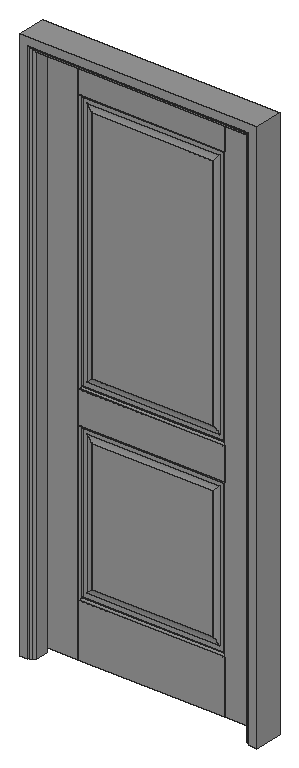
Revit family "V813MERCARVE9", category Doors, host Wall, Revit 2015 (continued)
Automatic sketch dimensions
  Sweep 78 sketch curve to Sweep 78 sketch curve = 53.26 mm
  Sweep 78 sketch curve to Sweep 78 sketch curve = 0 mm
  Sweep 78 sketch curve to profile plane = 0 mm
  profile plane to Sweep 78 sketch curve = 4 mm
  profile plane to Sweep 78 sketch curve = 59 mm
  Sweep 78 sketch curve to Sweep 78 sketch curve = 3.5 mm
  Sweep 78 sketch curve to profile plane = 4 mm
  plane 2 "Center (Left/Right)" to Sweep 79 sketch curve = 7.071 mm
  Sweep 79 sketch curve to Sweep 79 sketch curve = 15.295 mm  (x6)
  Sweep 79 sketch curve to Sweep 79 sketch curve = 53.26 mm
  Sweep 79 sketch curve to Sweep 79 sketch curve = 0 mm
  Sweep 79 sketch curve to profile plane = 0 mm
  profile plane to Sweep 79 sketch curve = 4 mm
  Sweep 79 sketch curve to profile plane = 4 mm
  profile plane to Sweep 79 sketch curve = 59 mm
  Sweep 79 sketch curve to Sweep 79 sketch curve = 3.5 mm
  plane 2 "Center (Left/Right)" to Sweep 80 sketch curve = 7.071 mm
  Sweep 80 sketch curve to Sweep 80 sketch curve = 15.295 mm  (x6)
  Sweep 80 sketch curve to Sweep 80 sketch curve = 53.26 mm
  Sweep 80 sketch curve to Sweep 80 sketch curve = 0 mm
  Sweep 80 sketch curve to profile plane = 0 mm
  profile plane to Sweep 80 sketch curve = 4 mm
  Sweep 80 sketch curve to profile plane = 4 mm
  profile plane to Sweep 80 sketch curve = 59 mm
  Sweep 80 sketch curve to Sweep 80 sketch curve = 3.5 mm
  plane 2 "Center (Left/Right)" to Sweep 81 sketch curve = 7.071 mm
  Sweep 81 sketch curve to Sweep 81 sketch curve = 15.295 mm  (x6)
  Sweep 81 sketch curve to Sweep 81 sketch curve = 53.26 mm
  Sweep 81 sketch curve to Sweep 81 sketch curve = 0 mm
  Sweep 81 sketch curve to profile plane = 0 mm
  profile plane to Sweep 81 sketch curve = 4 mm
  Sweep 81 sketch curve to profile plane = 4 mm
  profile plane to Sweep 81 sketch curve = 59 mm
  Sweep 81 sketch curve to Sweep 81 sketch curve = 3.5 mm
  plane 2 "Center (Left/Right)" to Sweep 82 sketch curve = 7.071 mm
  Sweep 82 sketch curve to Sweep 82 sketch curve = 15.295 mm  (x6)
  Sweep 82 sketch curve to Sweep 82 sketch curve = 53.26 mm
  Sweep 82 sketch curve to Sweep 82 sketch curve = 0 mm
  Sweep 82 sketch curve to profile plane = 0 mm
  profile plane to Sweep 82 sketch curve = 4 mm
  Sweep 82 sketch curve to profile plane = 4 mm
  profile plane to Sweep 82 sketch curve = 59 mm
  Sweep 82 sketch curve to Sweep 82 sketch curve = 3.5 mm
  Sweep 83 sketch curve to Sweep 83 sketch curve = 15.295 mm  (x6)
  Sweep 83 sketch curve to Sweep 83 sketch curve = 53.26 mm
  Sweep 83 sketch curve to plane 2 "Center (Left/Right)" = 82.697 mm
  Sweep 83 sketch curve to Sweep 83 sketch curve = 0 mm
  Sweep 83 sketch curve to profile plane = 0 mm
  Sweep 83 sketch curve to profile plane = 4 mm
  profile plane to Sweep 83 sketch curve = 59 mm
  Sweep 83 sketch curve to Sweep 83 sketch curve = 3.5 mm
  profile plane to Sweep 83 sketch curve = 4 mm
  Sweep 84 sketch curve to plane 2 "Center (Left/Right)" = 25.295 mm
  Sweep 84 sketch curve to Sweep 84 sketch curve = 47.403 mm  (x2)
  profile plane to Sweep 84 sketch curve = 0 mm
  profile plane to Sweep 84 sketch curve = 4 mm
  Sweep 84 sketch curve to profile plane = 4 mm
  profile plane to Sweep 84 sketch curve = 59 mm
  Sweep 84 sketch curve to Sweep 84 sketch curve = 3.5 mm
  Sweep 85 sketch curve to plane 2 "Center (Left/Right)" = 7.071 mm
  Sweep 85 sketch curve to Sweep 85 sketch curve = 15.295 mm  (x6)
  Sweep 85 sketch curve to Sweep 85 sketch curve = 53.26 mm
  Sweep 85 sketch curve to Sweep 85 sketch curve = 0 mm
  profile plane to Sweep 85 sketch curve = 0 mm
  profile plane to Sweep 85 sketch curve = 4 mm
  Sweep 85 sketch curve to profile plane = 4 mm
  profile plane to Sweep 85 sketch curve = 59 mm
  Sweep 85 sketch curve to Sweep 85 sketch curve = 3.5 mm
  Sweep 86 sketch curve to Sweep 86 sketch curve = 15.295 mm  (x6)
  Sweep 86 sketch curve to Sweep 86 sketch curve = 53.26 mm
  Sweep 86 sketch curve to Sweep 86 sketch curve = 0 mm
  Sweep 86 sketch curve to plane 2 "Center (Left/Right)" = 82.697 mm
  Sweep 86 sketch curve to profile plane = 0 mm
  Sweep 86 sketch curve to profile plane = 4 mm
  profile plane to Sweep 86 sketch curve = 59 mm
  Sweep 86 sketch curve to Sweep 86 sketch curve = 3.5 mm
  profile plane to Sweep 86 sketch curve = 4 mm
  Sweep 87 sketch curve to plane 2 "Center (Left/Right)" = 25.295 mm
  Sweep 87 sketch curve to Sweep 87 sketch curve = 47.403 mm  (x2)
  profile plane to Sweep 87 sketch curve = 0 mm
  profile plane to Sweep 87 sketch curve = 4 mm
  Sweep 87 sketch curve to profile plane = 4 mm
  profile plane to Sweep 87 sketch curve = 59 mm
  Sweep 87 sketch curve to Sweep 87 sketch curve = 3.5 mm
  Sweep 88 sketch curve to Sweep 88 sketch curve = 15.295 mm  (x6)
  Sweep 88 sketch curve to plane 2 "Center (Left/Right)" = 82.697 mm
  Sweep 88 sketch curve to profile plane = 0 mm
  Sweep 88 sketch curve to profile plane = 4 mm
  profile plane to Sweep 88 sketch curve = 59 mm
  Sweep 88 sketch curve to Sweep 88 sketch curve = 3.5 mm
  profile plane to Sweep 88 sketch curve = 4 mm
  Sweep 89 sketch curve to plane 2 "Center (Left/Right)" = 25.295 mm
  Sweep 89 sketch curve to Sweep 89 sketch curve = 47.403 mm  (x2)
  profile plane to Sweep 89 sketch curve = 0 mm
  profile plane to Sweep 89 sketch curve = 4 mm
  Sweep 89 sketch curve to profile plane = 4 mm
  profile plane to Sweep 89 sketch curve = 59 mm
  Sweep 89 sketch curve to Sweep 89 sketch curve = 3.5 mm
  Sweep 90 sketch curve to Sweep 90 sketch curve = 15.295 mm  (x6)
  Sweep 90 sketch curve to plane 2 "Center (Left/Right)" = 82.697 mm
  Sweep 90 sketch curve to Sweep 90 sketch curve = 53.26 mm
  Sweep 90 sketch curve to Sweep 90 sketch curve = 0 mm
  Sweep 90 sketch curve to profile plane = 0 mm
  Sweep 90 sketch curve to profile plane = 4 mm
  profile plane to Sweep 90 sketch curve = 59 mm
  Sweep 90 sketch curve to Sweep 90 sketch curve = 3.5 mm
  profile plane to Sweep 90 sketch curve = 4 mm
  Sweep 91 sketch curve to plane 2 "Center (Left/Right)" = 25.295 mm
  Sweep 91 sketch curve to Sweep 91 sketch curve = 47.403 mm  (x2)
  profile plane to Sweep 91 sketch curve = 0 mm
  profile plane to Sweep 91 sketch curve = 4 mm
  Sweep 91 sketch curve to profile plane = 4 mm
  profile plane to Sweep 91 sketch curve = 59 mm
  Sweep 91 sketch curve to Sweep 91 sketch curve = 3.5 mm
  Sweep 92 sketch curve to plane 2 "Center (Left/Right)" = 7.071 mm
  Sweep 92 sketch curve to Sweep 92 sketch curve = 15.295 mm  (x6)
  Sweep 92 sketch curve to Sweep 92 sketch curve = 53.26 mm
  Sweep 92 sketch curve to Sweep 92 sketch curve = 0 mm
  profile plane to Sweep 92 sketch curve = 0 mm
  profile plane to Sweep 92 sketch curve = 4 mm
  Sweep 92 sketch curve to profile plane = 4 mm
  profile plane to Sweep 92 sketch curve = 59 mm
  Sweep 92 sketch curve to Sweep 92 sketch curve = 3.5 mm
  Sweep 93 sketch curve to plane 2 "Center (Left/Right)" = 7.071 mm
  Sweep 93 sketch curve to Sweep 93 sketch curve = 15.295 mm  (x6)
  Sweep 93 sketch curve to Sweep 93 sketch curve = 53.26 mm
  Sweep 93 sketch curve to Sweep 93 sketch curve = 0 mm
  profile plane to Sweep 93 sketch curve = 0 mm
  profile plane to Sweep 93 sketch curve = 4 mm
  Sweep 93 sketch curve to profile plane = 4 mm
  profile plane to Sweep 93 sketch curve = 59 mm
  Sweep 93 sketch curve to Sweep 93 sketch curve = 3.5 mm
  Sweep 94 sketch curve to plane 2 "Center (Left/Right)" = 7.071 mm
  Sweep 94 sketch curve to Sweep 94 sketch curve = 15.295 mm  (x6)
  Sweep 94 sketch curve to Sweep 94 sketch curve = 53.26 mm
  Sweep 94 sketch curve to Sweep 94 sketch curve = 0 mm
  profile plane to Sweep 94 sketch curve = 0 mm
  profile plane to Sweep 94 sketch curve = 4 mm
  Sweep 94 sketch curve to profile plane = 4 mm
  profile plane to Sweep 94 sketch curve = 59 mm
  Sweep 94 sketch curve to Sweep 94 sketch curve = 3.5 mm
  Sweep 95 sketch curve to plane 2 "Center (Left/Right)" = 7.071 mm
  Sweep 95 sketch curve to Sweep 95 sketch curve = 15.295 mm  (x6)
  Sweep 95 sketch curve to Sweep 95 sketch curve = 53.26 mm
  Sweep 95 sketch curve to Sweep 95 sketch curve = 0 mm
  profile plane to Sweep 95 sketch curve = 0 mm
  profile plane to Sweep 95 sketch curve = 4 mm
  Sweep 95 sketch curve to profile plane = 4 mm
  profile plane to Sweep 95 sketch curve = 59 mm
  Sweep 95 sketch curve to Sweep 95 sketch curve = 3.5 mm
  Sweep 96 sketch curve to plane 2 "Center (Left/Right)" = 170.69 mm
  Sweep 96 sketch curve to Sweep 96 sketch curve = 47.403 mm  (x2)
  Sweep 96 sketch curve to profile plane = 0 mm
  profile plane to Sweep 96 sketch curve = 4 mm
  Sweep 96 sketch curve to profile plane = 4 mm
  profile plane to Sweep 96 sketch curve = 59 mm
  Sweep 96 sketch curve to Sweep 96 sketch curve = 3.5 mm
  Sweep 97 sketch curve to plane 2 "Center (Left/Right)" = 188.913 mm
  Sweep 97 sketch curve to Sweep 97 sketch curve = 15.295 mm  (x6)
  Sweep 97 sketch curve to Sweep 97 sketch curve = 53.26 mm
  Sweep 97 sketch curve to Sweep 97 sketch curve = 0 mm
  Sweep 97 sketch curve to profile plane = 0 mm
  profile plane to Sweep 97 sketch curve = 4 mm
  Sweep 97 sketch curve to profile plane = 4 mm
  profile plane to Sweep 97 sketch curve = 59 mm
  Sweep 97 sketch curve to Sweep 97 sketch curve = 3.5 mm
  Sweep 98 sketch curve to plane 2 "Center (Left/Right)" = 170.69 mm
  Sweep 98 sketch curve to Sweep 98 sketch curve = 47.403 mm  (x2)
  Sweep 98 sketch curve to profile plane = 0 mm
  profile plane to Sweep 98 sketch curve = 4 mm
  Sweep 98 sketch curve to profile plane = 4 mm
  profile plane to Sweep 98 sketch curve = 59 mm
  Sweep 98 sketch curve to Sweep 98 sketch curve = 3.5 mm
  Sweep 99 sketch curve to plane 2 "Center (Left/Right)" = 170.69 mm
  Sweep 99 sketch curve to Sweep 99 sketch curve = 47.403 mm  (x2)
  Sweep 99 sketch curve to profile plane = 0 mm
  profile plane to Sweep 99 sketch curve = 4 mm
  Sweep 99 sketch curve to profile plane = 4 mm
  profile plane to Sweep 99 sketch curve = 59 mm
  Sweep 99 sketch curve to Sweep 99 sketch curve = 3.5 mm
  Sweep 100 sketch curve to plane 2 "Center (Left/Right)" = 170.69 mm
  Sweep 100 sketch curve to Sweep 100 sketch curve = 47.403 mm  (x2)
  Sweep 100 sketch curve to profile plane = 0 mm
  profile plane to Sweep 100 sketch curve = 4 mm
  Sweep 100 sketch curve to profile plane = 4 mm
  profile plane to Sweep 100 sketch curve = 59 mm
  Sweep 100 sketch curve to Sweep 100 sketch curve = 3.5 mm
  Sweep 101 sketch curve to plane 2 "Center (Left/Right)" = 188.913 mm
  Sweep 101 sketch curve to Sweep 101 sketch curve = 15.295 mm  (x6)
  Sweep 101 sketch curve to Sweep 101 sketch curve = 53.26 mm
  Sweep 101 sketch curve to Sweep 101 sketch curve = 0 mm
  Sweep 101 sketch curve to profile plane = 0 mm
  profile plane to Sweep 101 sketch curve = 4 mm
  Sweep 101 sketch curve to profile plane = 4 mm
  profile plane to Sweep 101 sketch curve = 59 mm
  Sweep 101 sketch curve to Sweep 101 sketch curve = 3.5 mm
  Sweep 102 sketch curve to plane 2 "Center (Left/Right)" = 188.913 mm
  Sweep 102 sketch curve to Sweep 102 sketch curve = 15.295 mm  (x6)
  Sweep 102 sketch curve to Sweep 102 sketch curve = 53.26 mm
  Sweep 102 sketch curve to Sweep 102 sketch curve = 0 mm
  Sweep 102 sketch curve to profile plane = 0 mm
  profile plane to Sweep 102 sketch curve = 4 mm
  Sweep 102 sketch curve to profile plane = 4 mm
  profile plane to Sweep 102 sketch curve = 59 mm
  Sweep 102 sketch curve to Sweep 102 sketch curve = 3.5 mm
  Sweep 103 sketch curve to plane 2 "Center (Left/Right)" = 188.913 mm
  Sweep 103 sketch curve to Sweep 103 sketch curve = 15.295 mm  (x6)
  Sweep 103 sketch curve to Sweep 103 sketch curve = 53.26 mm
  Sweep 103 sketch curve to Sweep 103 sketch curve = 0 mm
  Sweep 103 sketch curve to profile plane = 0 mm
  profile plane to Sweep 103 sketch curve = 4 mm
  Sweep 103 sketch curve to profile plane = 4 mm
  profile plane to Sweep 103 sketch curve = 59 mm
  Sweep 103 sketch curve to Sweep 103 sketch curve = 3.5 mm
  Sweep 104 sketch curve to plane 2 "Center (Left/Right)" = 188.913 mm
  Sweep 104 sketch curve to Sweep 104 sketch curve = 15.295 mm  (x6)
  Sweep 104 sketch curve to Sweep 104 sketch curve = 53.26 mm
  Sweep 104 sketch curve to Sweep 104 sketch curve = 0 mm
  Sweep 104 sketch curve to profile plane = 0 mm
  profile plane to Sweep 104 sketch curve = 4 mm
  Sweep 104 sketch curve to profile plane = 4 mm
  profile plane to Sweep 104 sketch curve = 59 mm
  Sweep 104 sketch curve to Sweep 104 sketch curve = 3.5 mm
  Sweep 105 sketch curve to Sweep 105 sketch curve = 16.31 mm  (x3)
  Sweep 105 sketch curve to Sweep 105 sketch curve = 53.26 mm
  Sweep 105 sketch curve to plane 2 "Center (Left/Right)" = 180.69 mm
  Sweep 105 sketch curve to profile plane = 0 mm
  profile plane to Sweep 105 sketch curve = 4 mm
  profile plane to Sweep 105 sketch curve = 59 mm
  Sweep 105 sketch curve to Sweep 105 sketch curve = 3.5 mm
  Sweep 105 sketch curve to profile plane = 4 mm
  Sweep 106 sketch curve to Sweep 106 sketch curve = 16.31 mm  (x3)
  Sweep 106 sketch curve to plane 2 "Center (Left/Right)" = 180.69 mm
  Sweep 106 sketch curve to profile plane = 0 mm
  profile plane to Sweep 106 sketch curve = 4 mm
  profile plane to Sweep 106 sketch curve = 59 mm
  Sweep 106 sketch curve to Sweep 106 sketch curve = 3.5 mm
  Sweep 106 sketch curve to profile plane = 4 mm
  Sweep 107 sketch curve to Sweep 107 sketch curve = 53.26 mm
  Sweep 107 sketch curve to Sweep 107 sketch curve = 16.31 mm  (x3)
  Sweep 107 sketch curve to plane 2 "Center (Left/Right)" = 180.69 mm
  Sweep 107 sketch curve to profile plane = 0 mm
  profile plane to Sweep 107 sketch curve = 4 mm
  profile plane to Sweep 107 sketch curve = 59 mm
  Sweep 107 sketch curve to Sweep 107 sketch curve = 3.5 mm
  Sweep 107 sketch curve to profile plane = 4 mm
  Sweep 108 sketch curve to Sweep 108 sketch curve = 16.31 mm  (x3)
  Sweep 108 sketch curve to Sweep 108 sketch curve = 53.26 mm
  Sweep 108 sketch curve to plane 2 "Center (Left/Right)" = 180.69 mm
  Sweep 108 sketch curve to profile plane = 0 mm
  profile plane to Sweep 108 sketch curve = 4 mm
  profile plane to Sweep 108 sketch curve = 59 mm
  Sweep 108 sketch curve to Sweep 108 sketch curve = 3.5 mm
  Sweep 108 sketch curve to profile plane = 4 mm
  plane 2 "Center (Left/Right)" to Sweep 109 sketch curve = 170.69 mm
  Sweep 109 sketch curve to Sweep 109 sketch curve = 47.403 mm  (x2)
  profile plane to Sweep 109 sketch curve = 0 mm
  profile plane to Sweep 109 sketch curve = 4 mm
  Sweep 109 sketch curve to profile plane = 4 mm
  profile plane to Sweep 109 sketch curve = 59 mm
  Sweep 109 sketch curve to Sweep 109 sketch curve = 3.5 mm
  plane 2 "Center (Left/Right)" to Sweep 110 sketch curve = 188.913 mm
  Sweep 110 sketch curve to Sweep 110 sketch curve = 15.295 mm  (x6)
  Sweep 110 sketch curve to Sweep 110 sketch curve = 53.26 mm
  Sweep 110 sketch curve to Sweep 110 sketch curve = 0 mm
  profile plane to Sweep 110 sketch curve = 0 mm
  profile plane to Sweep 110 sketch curve = 4 mm
  Sweep 110 sketch curve to profile plane = 4 mm
  profile plane to Sweep 110 sketch curve = 59 mm
  Sweep 110 sketch curve to Sweep 110 sketch curve = 3.5 mm
  plane 2 "Center (Left/Right)" to Sweep 111 sketch curve = 170.69 mm
  Sweep 111 sketch curve to Sweep 111 sketch curve = 47.403 mm  (x2)
  profile plane to Sweep 111 sketch curve = 0 mm
  profile plane to Sweep 111 sketch curve = 4 mm
  Sweep 111 sketch curve to profile plane = 4 mm
  profile plane to Sweep 111 sketch curve = 59 mm
  Sweep 111 sketch curve to Sweep 111 sketch curve = 3.5 mm
  plane 2 "Center (Left/Right)" to Sweep 112 sketch curve = 170.69 mm
  Sweep 112 sketch curve to Sweep 112 sketch curve = 47.403 mm  (x2)
  profile plane to Sweep 112 sketch curve = 0 mm
  profile plane to Sweep 112 sketch curve = 4 mm
  Sweep 112 sketch curve to profile plane = 4 mm
  profile plane to Sweep 112 sketch curve = 59 mm
  Sweep 112 sketch curve to Sweep 112 sketch curve = 3.5 mm
  plane 2 "Center (Left/Right)" to Sweep 113 sketch curve = 170.69 mm
  Sweep 113 sketch curve to Sweep 113 sketch curve = 47.403 mm  (x2)
  profile plane to Sweep 113 sketch curve = 0 mm
  profile plane to Sweep 113 sketch curve = 4 mm
  Sweep 113 sketch curve to profile plane = 4 mm
  profile plane to Sweep 113 sketch curve = 59 mm
  Sweep 113 sketch curve to Sweep 113 sketch curve = 3.5 mm
  plane 2 "Center (Left/Right)" to Sweep 114 sketch curve = 188.913 mm
  Sweep 114 sketch curve to Sweep 114 sketch curve = 15.295 mm  (x6)
  Sweep 114 sketch curve to Sweep 114 sketch curve = 53.26 mm
  Sweep 114 sketch curve to Sweep 114 sketch curve = 0 mm
  profile plane to Sweep 114 sketch curve = 0 mm
  profile plane to Sweep 114 sketch curve = 4 mm
  Sweep 114 sketch curve to profile plane = 4 mm
  profile plane to Sweep 114 sketch curve = 59 mm
  Sweep 114 sketch curve to Sweep 114 sketch curve = 3.5 mm
  plane 2 "Center (Left/Right)" to Sweep 115 sketch curve = 188.913 mm
  Sweep 115 sketch curve to Sweep 115 sketch curve = 15.295 mm  (x6)
  Sweep 115 sketch curve to Sweep 115 sketch curve = 53.26 mm
  Sweep 115 sketch curve to Sweep 115 sketch curve = 0 mm
  profile plane to Sweep 115 sketch curve = 0 mm
  profile plane to Sweep 115 sketch curve = 4 mm
  Sweep 115 sketch curve to profile plane = 4 mm
  profile plane to Sweep 115 sketch curve = 59 mm
  Sweep 115 sketch curve to Sweep 115 sketch curve = 3.5 mm
  plane 2 "Center (Left/Right)" to Sweep 116 sketch curve = 188.913 mm
  Sweep 116 sketch curve to Sweep 116 sketch curve = 15.295 mm  (x6)
  Sweep 116 sketch curve to Sweep 116 sketch curve = 53.26 mm
  Sweep 116 sketch curve to Sweep 116 sketch curve = 0 mm
  profile plane to Sweep 116 sketch curve = 0 mm
  profile plane to Sweep 116 sketch curve = 4 mm
  Sweep 116 sketch curve to profile plane = 4 mm
  profile plane to Sweep 116 sketch curve = 59 mm
  Sweep 116 sketch curve to Sweep 116 sketch curve = 3.5 mm
  plane 2 "Center (Left/Right)" to Sweep 117 sketch curve = 188.913 mm
  Sweep 117 sketch curve to Sweep 117 sketch curve = 15.295 mm  (x6)
  Sweep 117 sketch curve to Sweep 117 sketch curve = 53.26 mm
  Sweep 117 sketch curve to Sweep 117 sketch curve = 0 mm
  profile plane to Sweep 117 sketch curve = 0 mm
  profile plane to Sweep 117 sketch curve = 4 mm
  Sweep 117 sketch curve to profile plane = 4 mm
  profile plane to Sweep 117 sketch curve = 59 mm
  Sweep 117 sketch curve to Sweep 117 sketch curve = 3.5 mm
  Sweep 118 sketch curve to Sweep 118 sketch curve = 16.31 mm  (x3)
  Sweep 118 sketch curve to Sweep 118 sketch curve = 53.26 mm
  plane 2 "Center (Left/Right)" to Sweep 118 sketch curve = 197 mm
  Sweep 118 sketch curve to profile plane = 0 mm
  Sweep 118 sketch curve to profile plane = 4 mm
  profile plane to Sweep 118 sketch curve = 59 mm
  Sweep 118 sketch curve to Sweep 118 sketch curve = 3.5 mm
  profile plane to Sweep 118 sketch curve = 4 mm
  Sweep 119 sketch curve to Sweep 119 sketch curve = 16.31 mm  (x3)
  plane 2 "Center (Left/Right)" to Sweep 119 sketch curve = 197 mm
  Sweep 119 sketch curve to profile plane = 0 mm
  Sweep 119 sketch curve to profile plane = 4 mm
  profile plane to Sweep 119 sketch curve = 59 mm
  Sweep 119 sketch curve to Sweep 119 sketch curve = 3.5 mm
  profile plane to Sweep 119 sketch curve = 4 mm
  Sweep 120 sketch curve to Sweep 120 sketch curve = 53.26 mm
  Sweep 120 sketch curve to Sweep 120 sketch curve = 16.31 mm  (x3)
  plane 2 "Center (Left/Right)" to Sweep 120 sketch curve = 197 mm
  Sweep 120 sketch curve to profile plane = 0 mm
  Sweep 120 sketch curve to profile plane = 4 mm
  profile plane to Sweep 120 sketch curve = 59 mm
  Sweep 120 sketch curve to Sweep 120 sketch curve = 3.5 mm
  profile plane to Sweep 120 sketch curve = 4 mm
  Sweep 121 sketch curve to Sweep 121 sketch curve = 16.31 mm  (x3)
  Sweep 121 sketch curve to Sweep 121 sketch curve = 53.26 mm
  plane 2 "Center (Left/Right)" to Sweep 121 sketch curve = 197 mm
  Sweep 121 sketch curve to profile plane = 0 mm
  Sweep 121 sketch curve to profile plane = 4 mm
  profile plane to Sweep 121 sketch curve = 59 mm
  Sweep 121 sketch curve to Sweep 121 sketch curve = 3.5 mm
  profile plane to Sweep 121 sketch curve = 4 mm
  plane 2 "Center (Left/Right)" to Sweep 122 sketch curve = 97.992 mm
  Sweep 122 sketch curve to Sweep 122 sketch curve = 15.295 mm  (x5)
  plane 2 "Center (Left/Right)" to Sweep 122 sketch curve = 82.697 mm
  Sweep 122 sketch curve to Sweep 122 sketch curve = 53.26 mm
  Sweep 122 sketch curve to Sweep 122 sketch curve = 0 mm
  Sweep 122 sketch curve to profile plane = 0 mm
  profile plane to Sweep 122 sketch curve = 4 mm
  Sweep 122 sketch curve to profile plane = 4 mm
  profile plane to Sweep 122 sketch curve = 59 mm
  Sweep 122 sketch curve to Sweep 122 sketch curve = 3.5 mm
  plane 2 "Center (Left/Right)" to Sweep 123 sketch curve = 25.295 mm
  Sweep 123 sketch curve to Sweep 123 sketch curve = 47.403 mm  (x2)
  Sweep 123 sketch curve to profile plane = 0 mm
  profile plane to Sweep 123 sketch curve = 4 mm
  Sweep 123 sketch curve to profile plane = 4 mm
  profile plane to Sweep 123 sketch curve = 59 mm
  Sweep 123 sketch curve to Sweep 123 sketch curve = 3.5 mm
  Sweep 124 sketch curve to plane 2 "Center (Left/Right)" = 0 mm  (x2)
  plane 2 "Center (Left/Right)" to Sweep 124 sketch curve = 15.295 mm
  Sweep 124 sketch curve to Sweep 124 sketch curve = 15.295 mm  (x3)
  Sweep 124 sketch curve to plane 2 "Center (Left/Right)" = 15.295 mm
  Sweep 124 sketch curve to Sweep 124 sketch curve = 53.26 mm
  Sweep 124 sketch curve to Sweep 124 sketch curve = 0 mm
  Sweep 124 sketch curve to profile plane = 0 mm
  profile plane to Sweep 124 sketch curve = 4 mm
  Sweep 124 sketch curve to profile plane = 4 mm
  profile plane to Sweep 124 sketch curve = 59 mm
  Sweep 124 sketch curve to Sweep 124 sketch curve = 3.5 mm
  Sweep 125 sketch curve to plane 2 "Center (Left/Right)" = 97.992 mm
  Sweep 125 sketch curve to Sweep 125 sketch curve = 15.295 mm  (x4)
  Sweep 125 sketch curve to plane 2 "Center (Left/Right)" = 82.697 mm
  Sweep 125 sketch curve to Sweep 125 sketch curve = 53.26 mm
  Sweep 125 sketch curve to Sweep 125 sketch curve = 0 mm
  Sweep 125 sketch curve to Sweep 125 sketch curve = 30.59 mm
  Sweep 125 sketch curve to profile plane = 0 mm
  profile plane to Sweep 125 sketch curve = 4 mm
  Sweep 125 sketch curve to profile plane = 4 mm
  profile plane to Sweep 125 sketch curve = 59 mm
  Sweep 125 sketch curve to Sweep 125 sketch curve = 3.5 mm
  Sweep 126 sketch curve to plane 2 "Center (Left/Right)" = 25.295 mm
  Sweep 126 sketch curve to Sweep 126 sketch curve = 47.403 mm  (x2)
  profile plane to Sweep 126 sketch curve = 0 mm
  profile plane to Sweep 126 sketch curve = 4 mm
  Sweep 126 sketch curve to profile plane = 4 mm
  profile plane to Sweep 126 sketch curve = 59 mm
  Sweep 126 sketch curve to Sweep 126 sketch curve = 3.5 mm
  Sweep 127 sketch curve to plane 2 "Center (Left/Right)" = 170.69 mm
  Sweep 127 sketch curve to Sweep 127 sketch curve = 47.403 mm  (x2)
  Sweep 127 sketch curve to profile plane = 0 mm
  profile plane to Sweep 127 sketch curve = 4 mm
  Sweep 127 sketch curve to profile plane = 4 mm
  profile plane to Sweep 127 sketch curve = 59 mm
  Sweep 127 sketch curve to Sweep 127 sketch curve = 3.5 mm
  Sweep 128 sketch curve to Sweep 128 sketch curve = 16.31 mm  (x3)
  Sweep 128 sketch curve to Sweep 128 sketch curve = 53.26 mm
  Sweep 128 sketch curve to plane 2 "Center (Left/Right)" = 197 mm
  Sweep 128 sketch curve to profile plane = 0 mm
  profile plane to Sweep 128 sketch curve = 4 mm
  Sweep 128 sketch curve to profile plane = 4 mm
  profile plane to Sweep 128 sketch curve = 59 mm
  Sweep 128 sketch curve to Sweep 128 sketch curve = 3.5 mm
  plane 2 "Center (Left/Right)" to Sweep 129 sketch curve = 170.69 mm
  Sweep 129 sketch curve to Sweep 129 sketch curve = 47.403 mm  (x2)
  profile plane to Sweep 129 sketch curve = 0 mm
  profile plane to Sweep 129 sketch curve = 4 mm
  Sweep 129 sketch curve to profile plane = 4 mm
  profile plane to Sweep 129 sketch curve = 59 mm
  Sweep 129 sketch curve to Sweep 129 sketch curve = 3.5 mm
  Sweep 130 sketch curve to Sweep 130 sketch curve = 16.31 mm  (x3)
  Sweep 130 sketch curve to Sweep 130 sketch curve = 53.26 mm
  plane 2 "Center (Left/Right)" to Sweep 130 sketch curve = 180.69 mm
  Sweep 130 sketch curve to profile plane = 0 mm
  profile plane to Sweep 130 sketch curve = 4 mm
  Sweep 130 sketch curve to profile plane = 4 mm
  profile plane to Sweep 130 sketch curve = 59 mm
  Sweep 130 sketch curve to Sweep 130 sketch curve = 3.5 mm
  Sweep 131 sketch curve to Sweep 131 sketch curve = 15.295 mm  (x6)
  Sweep 131 sketch curve to Sweep 131 sketch curve = 0 mm
  plane 2 "Center (Left/Right)" to Sweep 131 sketch curve = 82.697 mm
  Sweep 131 sketch curve to profile plane = 0 mm
  profile plane to Sweep 131 sketch curve = 4 mm
  Sweep 131 sketch curve to profile plane = 4 mm
  profile plane to Sweep 131 sketch curve = 59 mm
  Sweep 131 sketch curve to Sweep 131 sketch curve = 3.5 mm
  plane 2 "Center (Left/Right)" to Sweep 132 sketch curve = 25.295 mm
  Sweep 132 sketch curve to Sweep 132 sketch curve = 47.403 mm  (x2)
  Sweep 132 sketch curve to profile plane = 0 mm
  profile plane to Sweep 132 sketch curve = 4 mm
  Sweep 132 sketch curve to profile plane = 4 mm
  profile plane to Sweep 132 sketch curve = 59 mm
  Sweep 132 sketch curve to Sweep 132 sketch curve = 3.5 mm
  Sweep 133 sketch curve to plane 2 "Center (Left/Right)" = 0 mm  (x2)
  plane 2 "Center (Left/Right)" to Sweep 133 sketch curve = 15.295 mm
  Sweep 133 sketch curve to Sweep 133 sketch curve = 15.295 mm  (x3)
  Sweep 133 sketch curve to plane 2 "Center (Left/Right)" = 15.295 mm
  Sweep 133 sketch curve to Sweep 133 sketch curve = 0 mm
  Sweep 133 sketch curve to profile plane = 0 mm
  profile plane to Sweep 133 sketch curve = 4 mm
  Sweep 133 sketch curve to profile plane = 4 mm
  profile plane to Sweep 133 sketch curve = 59 mm
  Sweep 133 sketch curve to Sweep 133 sketch curve = 3.5 mm
  plane 2 "Center (Left/Right)" to Sweep 134 sketch curve = 7.071 mm
  Sweep 134 sketch curve to Sweep 134 sketch curve = 15.295 mm  (x6)
  Sweep 134 sketch curve to Sweep 134 sketch curve = 53.26 mm
  Sweep 134 sketch curve to Sweep 134 sketch curve = 0 mm
  Sweep 134 sketch curve to profile plane = 0 mm
  profile plane to Sweep 134 sketch curve = 4 mm
  Sweep 134 sketch curve to profile plane = 4 mm
  profile plane to Sweep 134 sketch curve = 59 mm
  Sweep 134 sketch curve to Sweep 134 sketch curve = 3.5 mm
  plane 2 "Center (Left/Right)" to Sweep 135 sketch curve = 7.071 mm
  Sweep 135 sketch curve to Sweep 135 sketch curve = 15.295 mm  (x6)
  Sweep 135 sketch curve to Sweep 135 sketch curve = 53.26 mm
  Sweep 135 sketch curve to Sweep 135 sketch curve = 0 mm
  Sweep 135 sketch curve to profile plane = 0 mm
  profile plane to Sweep 135 sketch curve = 4 mm
  Sweep 135 sketch curve to profile plane = 4 mm
  profile plane to Sweep 135 sketch curve = 59 mm
  Sweep 135 sketch curve to Sweep 135 sketch curve = 3.5 mm
  Sweep 136 sketch curve to Sweep 136 sketch curve = 15.295 mm  (x6)
  Sweep 136 sketch curve to Sweep 136 sketch curve = 0 mm
  Sweep 136 sketch curve to plane 2 "Center (Left/Right)" = 113.287 mm
  Sweep 136 sketch curve to profile plane = 0 mm
  profile plane to Sweep 136 sketch curve = 4 mm
  Sweep 136 sketch curve to profile plane = 4 mm
  profile plane to Sweep 136 sketch curve = 59 mm
  Sweep 136 sketch curve to Sweep 136 sketch curve = 3.5 mm
  Sweep 137 sketch curve to plane 2 "Center (Left/Right)" = 25.295 mm
  Sweep 137 sketch curve to Sweep 137 sketch curve = 47.403 mm  (x2)
  profile plane to Sweep 137 sketch curve = 0 mm
  profile plane to Sweep 137 sketch curve = 4 mm
  Sweep 137 sketch curve to profile plane = 4 mm
  profile plane to Sweep 137 sketch curve = 59 mm
  Sweep 137 sketch curve to Sweep 137 sketch curve = 3.5 mm
  Sweep 138 sketch curve to plane 2 "Center (Left/Right)" = 7.071 mm
  Sweep 138 sketch curve to Sweep 138 sketch curve = 15.295 mm  (x6)
  Sweep 138 sketch curve to Sweep 138 sketch curve = 53.26 mm
  Sweep 138 sketch curve to Sweep 138 sketch curve = 0 mm
  profile plane to Sweep 138 sketch curve = 0 mm
  profile plane to Sweep 138 sketch curve = 4 mm
  Sweep 138 sketch curve to profile plane = 4 mm
  profile plane to Sweep 138 sketch curve = 59 mm
  Sweep 138 sketch curve to Sweep 138 sketch curve = 3.5 mm
  Sweep 139 sketch curve to plane 2 "Center (Left/Right)" = 7.071 mm
  Sweep 139 sketch curve to Sweep 139 sketch curve = 15.295 mm  (x6)
  Sweep 139 sketch curve to Sweep 139 sketch curve = 53.26 mm
  Sweep 139 sketch curve to Sweep 139 sketch curve = 0 mm
  profile plane to Sweep 139 sketch curve = 0 mm
  profile plane to Sweep 139 sketch curve = 4 mm
  Sweep 139 sketch curve to profile plane = 4 mm
  profile plane to Sweep 139 sketch curve = 59 mm
  Sweep 139 sketch curve to Sweep 139 sketch curve = 3.5 mm
  Sweep 140 sketch curve to plane 2 "Center (Left/Right)" = 170.69 mm
  Sweep 140 sketch curve to Sweep 140 sketch curve = 47.403 mm  (x2)
  Sweep 140 sketch curve to profile plane = 0 mm
  profile plane to Sweep 140 sketch curve = 4 mm
  Sweep 140 sketch curve to profile plane = 4 mm
  profile plane to Sweep 140 sketch curve = 59 mm
  Sweep 140 sketch curve to Sweep 140 sketch curve = 3.5 mm
  Sweep 141 sketch curve to plane 2 "Center (Left/Right)" = 188.913 mm
  Sweep 141 sketch curve to Sweep 141 sketch curve = 15.295 mm  (x6)
  Sweep 141 sketch curve to Sweep 141 sketch curve = 53.26 mm
  Sweep 141 sketch curve to Sweep 141 sketch curve = 0 mm
  Sweep 141 sketch curve to profile plane = 0 mm
  profile plane to Sweep 141 sketch curve = 4 mm
  Sweep 141 sketch curve to profile plane = 4 mm
  profile plane to Sweep 141 sketch curve = 59 mm
  Sweep 141 sketch curve to Sweep 141 sketch curve = 3.5 mm
  Sweep 142 sketch curve to plane 2 "Center (Left/Right)" = 188.913 mm
  Sweep 142 sketch curve to Sweep 142 sketch curve = 15.295 mm  (x6)
  Sweep 142 sketch curve to Sweep 142 sketch curve = 53.26 mm
  Sweep 142 sketch curve to Sweep 142 sketch curve = 0 mm
  Sweep 142 sketch curve to profile plane = 0 mm
  profile plane to Sweep 142 sketch curve = 4 mm
  Sweep 142 sketch curve to profile plane = 4 mm
  profile plane to Sweep 142 sketch curve = 59 mm
  Sweep 142 sketch curve to Sweep 142 sketch curve = 3.5 mm
  Sweep 143 sketch curve to Sweep 143 sketch curve = 16.31 mm  (x3)
  Sweep 143 sketch curve to plane 2 "Center (Left/Right)" = 197 mm
  Sweep 143 sketch curve to profile plane = 0 mm
  profile plane to Sweep 143 sketch curve = 4 mm
  Sweep 143 sketch curve to profile plane = 4 mm
  profile plane to Sweep 143 sketch curve = 59 mm
  Sweep 143 sketch curve to Sweep 143 sketch curve = 3.5 mm
  plane 2 "Center (Left/Right)" to Sweep 144 sketch curve = 170.69 mm
  Sweep 144 sketch curve to Sweep 144 sketch curve = 47.403 mm  (x2)
  profile plane to Sweep 144 sketch curve = 0 mm
  profile plane to Sweep 144 sketch curve = 4 mm
  Sweep 144 sketch curve to profile plane = 4 mm
  profile plane to Sweep 144 sketch curve = 59 mm
  Sweep 144 sketch curve to Sweep 144 sketch curve = 3.5 mm
  plane 2 "Center (Left/Right)" to Sweep 145 sketch curve = 188.913 mm
  Sweep 145 sketch curve to Sweep 145 sketch curve = 15.295 mm  (x6)
  Sweep 145 sketch curve to Sweep 145 sketch curve = 53.26 mm
  Sweep 145 sketch curve to Sweep 145 sketch curve = 0 mm
  profile plane to Sweep 145 sketch curve = 0 mm
  profile plane to Sweep 145 sketch curve = 4 mm
  Sweep 145 sketch curve to profile plane = 4 mm
  profile plane to Sweep 145 sketch curve = 59 mm
  Sweep 145 sketch curve to Sweep 145 sketch curve = 3.5 mm
  plane 2 "Center (Left/Right)" to Sweep 146 sketch curve = 188.913 mm
  Sweep 146 sketch curve to Sweep 146 sketch curve = 15.295 mm  (x6)
  Sweep 146 sketch curve to Sweep 146 sketch curve = 53.26 mm
  Sweep 146 sketch curve to Sweep 146 sketch curve = 0 mm
  profile plane to Sweep 146 sketch curve = 0 mm
  profile plane to Sweep 146 sketch curve = 4 mm
  Sweep 146 sketch curve to profile plane = 4 mm
  profile plane to Sweep 146 sketch curve = 59 mm
  Sweep 146 sketch curve to Sweep 146 sketch curve = 3.5 mm
  Sweep 147 sketch curve to Sweep 147 sketch curve = 16.31 mm  (x3)
  plane 2 "Center (Left/Right)" to Sweep 147 sketch curve = 180.69 mm
  Sweep 147 sketch curve to profile plane = 0 mm
  profile plane to Sweep 147 sketch curve = 4 mm
  Sweep 147 sketch curve to profile plane = 4 mm
  profile plane to Sweep 147 sketch curve = 59 mm
  Sweep 147 sketch curve to Sweep 147 sketch curve = 3.5 mm
  plane 2 "Center (Left/Right)" to Sweep 148 sketch curve = 97.992 mm  (x2)
  plane 2 "Center (Left/Right)" to Sweep 148 sketch curve = 113.287 mm
  Sweep 148 sketch curve to Sweep 148 sketch curve = 15.295 mm  (x3)
  plane 2 "Center (Left/Right)" to Sweep 148 sketch curve = 82.697 mm
  Sweep 148 sketch curve to Sweep 148 sketch curve = 53.26 mm
  Sweep 148 sketch curve to Sweep 148 sketch curve = 0 mm
  Sweep 148 sketch curve to profile plane = 0 mm
  profile plane to Sweep 148 sketch curve = 4 mm
  Sweep 148 sketch curve to profile plane = 4 mm
  profile plane to Sweep 148 sketch curve = 59 mm
  Sweep 148 sketch curve to Sweep 148 sketch curve = 3.5 mm
  plane 2 "Center (Left/Right)" to Sweep 149 sketch curve = 25.295 mm
  Sweep 149 sketch curve to Sweep 149 sketch curve = 47.403 mm  (x2)
  Sweep 149 sketch curve to profile plane = 0 mm
  profile plane to Sweep 149 sketch curve = 4 mm
  Sweep 149 sketch curve to profile plane = 4 mm
  profile plane to Sweep 149 sketch curve = 59 mm
  Sweep 149 sketch curve to Sweep 149 sketch curve = 3.5 mm
  Sweep 150 sketch curve to plane 2 "Center (Left/Right)" = 0 mm  (x2)
  plane 2 "Center (Left/Right)" to Sweep 150 sketch curve = 15.295 mm
  Sweep 150 sketch curve to Sweep 150 sketch curve = 15.295 mm  (x3)
  Sweep 150 sketch curve to plane 2 "Center (Left/Right)" = 15.295 mm
  Sweep 150 sketch curve to Sweep 150 sketch curve = 53.26 mm
  Sweep 150 sketch curve to Sweep 150 sketch curve = 0 mm
  Sweep 150 sketch curve to profile plane = 0 mm
  profile plane to Sweep 150 sketch curve = 4 mm
  Sweep 150 sketch curve to profile plane = 4 mm
  profile plane to Sweep 150 sketch curve = 59 mm
  Sweep 150 sketch curve to Sweep 150 sketch curve = 3.5 mm
  plane 2 "Center (Left/Right)" to Sweep 151 sketch curve = 97.992 mm  (x2)
  plane 5 to Sweep 151 sketch curve = 279.102 mm
  plane 2 "Center (Left/Right)" to Sweep 151 sketch curve = 113.287 mm
  Sweep 151 sketch curve to Sweep 151 sketch curve = 15.295 mm  (x3)
  plane 2 "Center (Left/Right)" to Sweep 151 sketch curve = 82.697 mm
  Sweep 151 sketch curve to Sweep 151 sketch curve = 53.26 mm
  Sweep 151 sketch curve to Sweep 151 sketch curve = 0 mm
  Sweep 151 sketch curve to profile plane = 0 mm
  profile plane to Sweep 151 sketch curve = 4 mm
  Sweep 151 sketch curve to profile plane = 4 mm
  profile plane to Sweep 151 sketch curve = 59 mm
  Sweep 151 sketch curve to Sweep 151 sketch curve = 3.5 mm
  plane 2 "Center (Left/Right)" to Sweep 152 sketch curve = 25.295 mm
  Sweep 152 sketch curve to Sweep 152 sketch curve = 47.403 mm  (x2)
  Sweep 152 sketch curve to profile plane = 0 mm
  profile plane to Sweep 152 sketch curve = 4 mm
  Sweep 152 sketch curve to profile plane = 4 mm
  profile plane to Sweep 152 sketch curve = 59 mm
  Sweep 152 sketch curve to Sweep 152 sketch curve = 3.5 mm
  Sweep 153 sketch curve to plane 2 "Center (Left/Right)" = 0 mm  (x2)
  plane 5 to Sweep 153 sketch curve = 279.102 mm
  plane 2 "Center (Left/Right)" to Sweep 153 sketch curve = 15.295 mm
  Sweep 153 sketch curve to Sweep 153 sketch curve = 15.295 mm  (x3)
  Sweep 153 sketch curve to plane 2 "Center (Left/Right)" = 15.295 mm
  Sweep 153 sketch curve to Sweep 153 sketch curve = 53.26 mm
  Sweep 153 sketch curve to Sweep 153 sketch curve = 0 mm
  Sweep 153 sketch curve to profile plane = 0 mm
  profile plane to Sweep 153 sketch curve = 4 mm
  Sweep 153 sketch curve to profile plane = 4 mm
  profile plane to Sweep 153 sketch curve = 59 mm
  Sweep 153 sketch curve to Sweep 153 sketch curve = 3.5 mm
  plane 2 "Center (Left/Right)" to Sweep 154 sketch curve = 7.071 mm
  Sweep 154 sketch curve to Sweep 154 sketch curve = 15.295 mm  (x6)
  Sweep 154 sketch curve to Sweep 154 sketch curve = 53.26 mm
  Sweep 154 sketch curve to Sweep 154 sketch curve = 0 mm
  Sweep 154 sketch curve to profile plane = 0 mm
  profile plane to Sweep 154 sketch curve = 4 mm
  Sweep 154 sketch curve to profile plane = 4 mm
  profile plane to Sweep 154 sketch curve = 59 mm
  Sweep 154 sketch curve to Sweep 154 sketch curve = 3.5 mm
  plane 2 "Center (Left/Right)" to Sweep 155 sketch curve = 7.071 mm
  Sweep 155 sketch curve to Sweep 155 sketch curve = 15.295 mm  (x6)
  Sweep 155 sketch curve to Sweep 155 sketch curve = 53.26 mm
  Sweep 155 sketch curve to Sweep 155 sketch curve = 0 mm
  plane 5 to Sweep 155 sketch curve = 287.326 mm
  Sweep 155 sketch curve to profile plane = 0 mm
  profile plane to Sweep 155 sketch curve = 4 mm
  Sweep 155 sketch curve to profile plane = 4 mm
  profile plane to Sweep 155 sketch curve = 59 mm
  Sweep 155 sketch curve to Sweep 155 sketch curve = 3.5 mm
  Sweep 156 sketch curve to plane 2 "Center (Left/Right)" = 97.992 mm  (x2)
  Sweep 156 sketch curve to plane 2 "Center (Left/Right)" = 113.287 mm
  Sweep 156 sketch curve to Sweep 156 sketch curve = 15.295 mm  (x3)
  Sweep 156 sketch curve to plane 2 "Center (Left/Right)" = 82.697 mm
  Sweep 156 sketch curve to Sweep 156 sketch curve = 53.26 mm
  Sweep 156 sketch curve to Sweep 156 sketch curve = 0 mm
  Sweep 156 sketch curve to profile plane = 0 mm
  profile plane to Sweep 156 sketch curve = 4 mm
  Sweep 156 sketch curve to profile plane = 4 mm
  profile plane to Sweep 156 sketch curve = 59 mm
  Sweep 156 sketch curve to Sweep 156 sketch curve = 3.5 mm
  Sweep 157 sketch curve to plane 2 "Center (Left/Right)" = 25.295 mm
  Sweep 157 sketch curve to Sweep 157 sketch curve = 47.403 mm  (x2)
  profile plane to Sweep 157 sketch curve = 0 mm
  profile plane to Sweep 157 sketch curve = 4 mm
  Sweep 157 sketch curve to profile plane = 4 mm
  profile plane to Sweep 157 sketch curve = 59 mm
  Sweep 157 sketch curve to Sweep 157 sketch curve = 3.5 mm
  Sweep 158 sketch curve to plane 2 "Center (Left/Right)" = 97.992 mm  (x2)
  plane 5 to Sweep 158 sketch curve = 279.102 mm
  Sweep 158 sketch curve to plane 2 "Center (Left/Right)" = 113.287 mm
  Sweep 158 sketch curve to Sweep 158 sketch curve = 15.295 mm  (x3)
  Sweep 158 sketch curve to plane 2 "Center (Left/Right)" = 82.697 mm
  Sweep 158 sketch curve to Sweep 158 sketch curve = 53.26 mm
  Sweep 158 sketch curve to Sweep 158 sketch curve = 0 mm
  Sweep 158 sketch curve to profile plane = 0 mm
  profile plane to Sweep 158 sketch curve = 4 mm
  Sweep 158 sketch curve to profile plane = 4 mm
  profile plane to Sweep 158 sketch curve = 59 mm
  Sweep 158 sketch curve to Sweep 158 sketch curve = 3.5 mm
  Sweep 159 sketch curve to plane 2 "Center (Left/Right)" = 25.295 mm
  Sweep 159 sketch curve to Sweep 159 sketch curve = 47.403 mm  (x2)
  plane 5 to Sweep 159 sketch curve = 297.326 mm
  profile plane to Sweep 159 sketch curve = 0 mm
  profile plane to Sweep 159 sketch curve = 4 mm
  Sweep 159 sketch curve to profile plane = 4 mm
  profile plane to Sweep 159 sketch curve = 59 mm
  Sweep 159 sketch curve to Sweep 159 sketch curve = 3.5 mm
  Sweep 160 sketch curve to plane 2 "Center (Left/Right)" = 7.071 mm
  Sweep 160 sketch curve to Sweep 160 sketch curve = 15.295 mm  (x6)
  Sweep 160 sketch curve to Sweep 160 sketch curve = 53.26 mm
  Sweep 160 sketch curve to Sweep 160 sketch curve = 0 mm
  profile plane to Sweep 160 sketch curve = 0 mm
  profile plane to Sweep 160 sketch curve = 4 mm
  Sweep 160 sketch curve to profile plane = 4 mm
  profile plane to Sweep 160 sketch curve = 59 mm
  Sweep 160 sketch curve to Sweep 160 sketch curve = 3.5 mm
  Sweep 161 sketch curve to plane 2 "Center (Left/Right)" = 7.071 mm
  Sweep 161 sketch curve to Sweep 161 sketch curve = 15.295 mm  (x6)
  Sweep 161 sketch curve to Sweep 161 sketch curve = 53.26 mm
  Sweep 161 sketch curve to Sweep 161 sketch curve = 0 mm
  plane 5 to Sweep 161 sketch curve = 256.736 mm
  profile plane to Sweep 161 sketch curve = 0 mm
  profile plane to Sweep 161 sketch curve = 4 mm
  Sweep 161 sketch curve to profile plane = 4 mm
  profile plane to Sweep 161 sketch curve = 59 mm
  Sweep 161 sketch curve to Sweep 161 sketch curve = 3.5 mm
  Sweep 162 sketch curve to plane 2 "Center (Left/Right)" = 170.69 mm
  Sweep 162 sketch curve to Sweep 162 sketch curve = 47.403 mm  (x2)
  Sweep 162 sketch curve to profile plane = 0 mm
  profile plane to Sweep 162 sketch curve = 4 mm
  Sweep 162 sketch curve to profile plane = 4 mm
  profile plane to Sweep 162 sketch curve = 59 mm
  Sweep 162 sketch curve to Sweep 162 sketch curve = 3.5 mm
  Sweep 163 sketch curve to plane 2 "Center (Left/Right)" = 170.69 mm
  Sweep 163 sketch curve to Sweep 163 sketch curve = 47.403 mm  (x2)
  Sweep 163 sketch curve to profile plane = 0 mm
  profile plane to Sweep 163 sketch curve = 4 mm
  Sweep 163 sketch curve to profile plane = 4 mm
  profile plane to Sweep 163 sketch curve = 59 mm
  Sweep 163 sketch curve to Sweep 163 sketch curve = 3.5 mm
  Sweep 164 sketch curve to plane 2 "Center (Left/Right)" = 188.913 mm
  Sweep 164 sketch curve to Sweep 164 sketch curve = 15.295 mm  (x6)
  Sweep 164 sketch curve to Sweep 164 sketch curve = 53.26 mm
  Sweep 164 sketch curve to Sweep 164 sketch curve = 0 mm
  Sweep 164 sketch curve to profile plane = 0 mm
  profile plane to Sweep 164 sketch curve = 4 mm
  Sweep 164 sketch curve to profile plane = 4 mm
  profile plane to Sweep 164 sketch curve = 59 mm
  Sweep 164 sketch curve to Sweep 164 sketch curve = 3.5 mm
  Sweep 165 sketch curve to plane 2 "Center (Left/Right)" = 188.913 mm
  Sweep 165 sketch curve to Sweep 165 sketch curve = 15.295 mm  (x6)
  Sweep 165 sketch curve to Sweep 165 sketch curve = 53.26 mm
  Sweep 165 sketch curve to Sweep 165 sketch curve = 0 mm
  plane 5 to Sweep 165 sketch curve = 287.326 mm
  Sweep 165 sketch curve to profile plane = 0 mm
  profile plane to Sweep 165 sketch curve = 4 mm
  Sweep 165 sketch curve to profile plane = 4 mm
  profile plane to Sweep 165 sketch curve = 59 mm
  Sweep 165 sketch curve to Sweep 165 sketch curve = 3.5 mm
  plane 5 to Sweep 166 sketch curve = 278.087 mm
  Sweep 166 sketch curve to Sweep 166 sketch curve = 16.31 mm  (x3)
  Sweep 166 sketch curve to Sweep 166 sketch curve = 53.26 mm
  Sweep 166 sketch curve to plane 2 "Center (Left/Right)" = 197 mm
  Sweep 166 sketch curve to profile plane = 0 mm
  profile plane to Sweep 166 sketch curve = 4 mm
  Sweep 166 sketch curve to profile plane = 4 mm
  profile plane to Sweep 166 sketch curve = 59 mm
  Sweep 166 sketch curve to Sweep 166 sketch curve = 3.5 mm
  Sweep 167 sketch curve to Sweep 167 sketch curve = 16.31 mm  (x3)
  Sweep 167 sketch curve to Sweep 167 sketch curve = 53.26 mm
  Sweep 167 sketch curve to plane 2 "Center (Left/Right)" = 197 mm
  Sweep 167 sketch curve to profile plane = 0 mm
  profile plane to Sweep 167 sketch curve = 4 mm
  Sweep 167 sketch curve to profile plane = 4 mm
  profile plane to Sweep 167 sketch curve = 59 mm
  Sweep 167 sketch curve to Sweep 167 sketch curve = 3.5 mm
  plane 2 "Center (Left/Right)" to Sweep 168 sketch curve = 170.69 mm
  Sweep 168 sketch curve to Sweep 168 sketch curve = 47.403 mm  (x2)
  profile plane to Sweep 168 sketch curve = 0 mm
  profile plane to Sweep 168 sketch curve = 4 mm
  Sweep 168 sketch curve to profile plane = 4 mm
  profile plane to Sweep 168 sketch curve = 59 mm
  Sweep 168 sketch curve to Sweep 168 sketch curve = 3.5 mm
  plane 2 "Center (Left/Right)" to Sweep 169 sketch curve = 170.69 mm
  Sweep 169 sketch curve to Sweep 169 sketch curve = 47.403 mm  (x2)
  plane 5 to Sweep 169 sketch curve = 297.326 mm
  profile plane to Sweep 169 sketch curve = 0 mm
  profile plane to Sweep 169 sketch curve = 4 mm
  Sweep 169 sketch curve to profile plane = 4 mm
  profile plane to Sweep 169 sketch curve = 59 mm
  Sweep 169 sketch curve to Sweep 169 sketch curve = 3.5 mm
  plane 2 "Center (Left/Right)" to Sweep 170 sketch curve = 188.913 mm
  Sweep 170 sketch curve to Sweep 170 sketch curve = 15.295 mm  (x6)
  Sweep 170 sketch curve to Sweep 170 sketch curve = 53.26 mm
  Sweep 170 sketch curve to Sweep 170 sketch curve = 0 mm
  profile plane to Sweep 170 sketch curve = 0 mm
  profile plane to Sweep 170 sketch curve = 4 mm
  Sweep 170 sketch curve to profile plane = 4 mm
  profile plane to Sweep 170 sketch curve = 59 mm
  Sweep 170 sketch curve to Sweep 170 sketch curve = 3.5 mm
  plane 2 "Center (Left/Right)" to Sweep 171 sketch curve = 188.913 mm
  Sweep 171 sketch curve to Sweep 171 sketch curve = 15.295 mm  (x6)
  Sweep 171 sketch curve to Sweep 171 sketch curve = 53.26 mm
  Sweep 171 sketch curve to Sweep 171 sketch curve = 0 mm
  plane 5 to Sweep 171 sketch curve = 256.736 mm
  profile plane to Sweep 171 sketch curve = 0 mm
  profile plane to Sweep 171 sketch curve = 4 mm
  Sweep 171 sketch curve to profile plane = 4 mm
  profile plane to Sweep 171 sketch curve = 59 mm
  Sweep 171 sketch curve to Sweep 171 sketch curve = 3.5 mm
  plane 5 to Sweep 172 sketch curve = 278.087 mm
  Sweep 172 sketch curve to Sweep 172 sketch curve = 16.31 mm  (x3)
  Sweep 172 sketch curve to Sweep 172 sketch curve = 53.26 mm
  plane 2 "Center (Left/Right)" to Sweep 172 sketch curve = 180.69 mm
  Sweep 172 sketch curve to profile plane = 0 mm
  profile plane to Sweep 172 sketch curve = 4 mm
  Sweep 172 sketch curve to profile plane = 4 mm
  profile plane to Sweep 172 sketch curve = 59 mm
  Sweep 172 sketch curve to Sweep 172 sketch curve = 3.5 mm
  Sweep 173 sketch curve to Sweep 173 sketch curve = 16.31 mm  (x3)
  Sweep 173 sketch curve to Sweep 173 sketch curve = 53.26 mm
  plane 2 "Center (Left/Right)" to Sweep 173 sketch curve = 180.69 mm
  Sweep 173 sketch curve to profile plane = 0 mm
  profile plane to Sweep 173 sketch curve = 4 mm
  Sweep 173 sketch curve to profile plane = 4 mm
  profile plane to Sweep 173 sketch curve = 59 mm
  Sweep 173 sketch curve to Sweep 173 sketch curve = 3.5 mm
  Extrusion 2 sketch curve to Extrusion 2 sketch curve = 125 mm
  level to Extrusion 6 sketch curve = 269.5 mm
  level to Sweep 8 sketch curve = 299.5 mm
  Sweep 9 sketch curve to Sweep 9 sketch curve = 53.26 mm
  Sweep 12 sketch curve to Sweep 12 sketch curve = 53.26 mm
  level to Sweep 16 sketch curve = 424.079 mm
  Sweep 16 sketch curve to Sweep 16 sketch curve = 53.26 mm
  Sweep 16 sketch curve to Sweep 16 sketch curve = 0 mm
  level to Sweep 17 sketch curve = 442.303 mm
  level to Sweep 18 sketch curve = 424.079 mm
  Sweep 18 sketch curve to Sweep 18 sketch curve = 53.26 mm
  Sweep 18 sketch curve to Sweep 18 sketch curve = 0 mm
  level to Sweep 19 sketch curve = 326.087 mm
  level to Sweep 20 sketch curve = 344.31 mm
  level to Sweep 21 sketch curve = 326.087 mm
  level to Sweep 23 sketch curve = 499.705 mm
  level to Sweep 24 sketch curve = 401.713 mm
  level to Sweep 25 sketch curve = 303.721 mm
  Sweep 26 sketch curve to Sweep 26 sketch curve = 53.26 mm
  level to Sweep 31 sketch curve = 424.079 mm
  Sweep 31 sketch curve to Sweep 31 sketch curve = 53.26 mm
  Sweep 31 sketch curve to Sweep 31 sketch curve = 0 mm
  level to Sweep 32 sketch curve = 489.705 mm
  level to Sweep 33 sketch curve = 326.087 mm
  level to Sweep 34 sketch curve = 391.713 mm
  level to Sweep 37 sketch curve = 432.303 mm
  level to Sweep 38 sketch curve = 334.31 mm
  level to Sweep 42 sketch curve = 442.303 mm
  level to Sweep 43 sketch curve = 344.31 mm
  level to Sweep 45 sketch curve = 499.705 mm
  level to Sweep 46 sketch curve = 401.713 mm
  level to Sweep 47 sketch curve = 303.721 mm
  level to Sweep 48 sketch curve = 325.071 mm
  level to Sweep 49 sketch curve = 423.063 mm
  Sweep 49 sketch curve to Sweep 49 sketch curve = 53.26 mm
  Sweep 51 sketch curve to Sweep 51 sketch curve = 53.26 mm
  level to Sweep 55 sketch curve = 489.705 mm
  level to Sweep 56 sketch curve = 391.713 mm
  level to Sweep 59 sketch curve = 432.303 mm
  level to Sweep 60 sketch curve = 334.31 mm
  level to Sweep 61 sketch curve = 325.071 mm
  level to Sweep 62 sketch curve = 423.063 mm
  Sweep 62 sketch curve to Sweep 62 sketch curve = 53.26 mm
  Sweep 64 sketch curve to Sweep 64 sketch curve = 53.26 mm
  Extrusion 2 sketch curve to Extrusion 2 sketch curve = 570 mm
  Sweep 5 sketch curve to Sweep 5 sketch curve = 588 mm
  Extrusion 6 sketch curve to Extrusion 6 sketch curve = 491 mm
  Sweep 8 sketch curve to Sweep 8 sketch curve = 431 mm
  level to Sweep 9 sketch curve = 620.063 mm
  level to Sweep 10 sketch curve = 638.287 mm
  level to Sweep 11 sketch curve = 695.69 mm
  level to Sweep 12 sketch curve = 620.063 mm
  level to Sweep 13 sketch curve = 522.071 mm
  level to Sweep 14 sketch curve = 540.295 mm
  level to Sweep 15 sketch curve = 522.071 mm
  level to Sweep 22 sketch curve = 597.697 mm
  level to Sweep 26 sketch curve = 620.063 mm
  level to Sweep 27 sketch curve = 685.69 mm
  level to Sweep 29 sketch curve = 522.071 mm
  level to Sweep 30 sketch curve = 587.697 mm
  level to Sweep 35 sketch curve = 628.287 mm
  level to Sweep 36 sketch curve = 530.295 mm
  level to Sweep 39 sketch curve = 638.287 mm
  level to Sweep 40 sketch curve = 695.69 mm
  level to Sweep 41 sketch curve = 540.295 mm
  level to Sweep 44 sketch curve = 597.697 mm
  level to Sweep 50 sketch curve = 521.056 mm
  level to Sweep 51 sketch curve = 619.048 mm
  level to Sweep 52 sketch curve = 685.69 mm
  level to Sweep 54 sketch curve = 587.697 mm
  level to Sweep 57 sketch curve = 628.287 mm
  level to Sweep 58 sketch curve = 530.295 mm
  level to Sweep 63 sketch curve = 521.056 mm
  level to Sweep 64 sketch curve = 619.048 mm
  Sweep 131 sketch curve to Sweep 131 sketch curve = 53.26 mm
  Sweep 133 sketch curve to Sweep 133 sketch curve = 53.26 mm
  Sweep 136 sketch curve to Sweep 136 sketch curve = 53.26 mm
  Sweep 143 sketch curve to Sweep 143 sketch curve = 53.26 mm
  Sweep 147 sketch curve to Sweep 147 sketch curve = 53.26 mm
  level to Sweep 4 sketch curve = 931 mm
  Extrusion 7 sketch curve to Extrusion 7 sketch curve = 893 mm
  level to Sweep 28 sketch curve = 726.279 mm
  level to Sweep 53 sketch curve = 726.279 mm
  Sweep 65 sketch curve to Sweep 65 sketch curve = 833 mm
  plane 5 to Sweep 66 sketch curve = 558.937 mm
  plane 5 to Sweep 67 sketch curve = 540.713 mm
  plane 5 to Sweep 68 sketch curve = 483.31 mm
  plane 5 to Sweep 69 sketch curve = 558.937 mm
  plane 5 to Sweep 70 sketch curve = 656.929 mm
  plane 5 to Sweep 71 sketch curve = 638.705 mm
  plane 5 to Sweep 72 sketch curve = 656.929 mm
  plane 5 to Sweep 73 sketch curve = 754.921 mm
  Sweep 73 sketch curve to Sweep 73 sketch curve = 53.26 mm
  Sweep 73 sketch curve to Sweep 73 sketch curve = 0 mm
  plane 5 to Sweep 74 sketch curve = 736.697 mm
  plane 5 to Sweep 75 sketch curve = 754.921 mm
  Sweep 75 sketch curve to Sweep 75 sketch curve = 53.26 mm
  Sweep 75 sketch curve to Sweep 75 sketch curve = 0 mm
  plane 5 to Sweep 76 sketch curve = 852.913 mm
  plane 5 to Sweep 77 sketch curve = 834.69 mm
  plane 5 to Sweep 78 sketch curve = 852.913 mm
  plane 5 to Sweep 79 sketch curve = 581.303 mm
  plane 5 to Sweep 80 sketch curve = 679.295 mm
  plane 5 to Sweep 81 sketch curve = 777.287 mm
  plane 5 to Sweep 82 sketch curve = 875.279 mm
  plane 5 to Sweep 83 sketch curve = 558.937 mm
  plane 5 to Sweep 84 sketch curve = 493.31 mm
  plane 5 to Sweep 85 sketch curve = 452.721 mm
  plane 5 to Sweep 86 sketch curve = 656.929 mm
  plane 5 to Sweep 87 sketch curve = 591.303 mm
  plane 5 to Sweep 88 sketch curve = 754.921 mm
  Sweep 88 sketch curve to Sweep 88 sketch curve = 53.26 mm
  Sweep 88 sketch curve to Sweep 88 sketch curve = 0 mm
  plane 5 to Sweep 89 sketch curve = 689.295 mm
  plane 5 to Sweep 90 sketch curve = 852.913 mm
  plane 5 to Sweep 91 sketch curve = 787.287 mm
  plane 5 to Sweep 92 sketch curve = 550.713 mm
  plane 5 to Sweep 93 sketch curve = 648.705 mm
  plane 5 to Sweep 94 sketch curve = 746.697 mm
  plane 5 to Sweep 95 sketch curve = 844.69 mm
  plane 5 to Sweep 96 sketch curve = 540.713 mm
  plane 5 to Sweep 97 sketch curve = 483.31 mm
  plane 5 to Sweep 98 sketch curve = 638.705 mm
  plane 5 to Sweep 99 sketch curve = 736.697 mm
  plane 5 to Sweep 100 sketch curve = 834.69 mm
  plane 5 to Sweep 101 sketch curve = 581.303 mm
  plane 5 to Sweep 102 sketch curve = 679.295 mm
  plane 5 to Sweep 103 sketch curve = 777.287 mm
  plane 5 to Sweep 104 sketch curve = 875.279 mm
  plane 5 to Sweep 105 sketch curve = 853.929 mm
  plane 5 to Sweep 106 sketch curve = 755.937 mm
  Sweep 106 sketch curve to Sweep 106 sketch curve = 53.26 mm
  plane 5 to Sweep 107 sketch curve = 657.944 mm
  plane 5 to Sweep 108 sketch curve = 559.952 mm
  plane 5 to Sweep 109 sketch curve = 493.31 mm
  plane 5 to Sweep 110 sketch curve = 452.721 mm
  plane 5 to Sweep 111 sketch curve = 591.303 mm
  plane 5 to Sweep 112 sketch curve = 689.295 mm
  plane 5 to Sweep 113 sketch curve = 787.287 mm
  plane 5 to Sweep 114 sketch curve = 550.713 mm
  plane 5 to Sweep 115 sketch curve = 648.705 mm
  plane 5 to Sweep 116 sketch curve = 746.697 mm
  plane 5 to Sweep 117 sketch curve = 844.69 mm
  plane 5 to Sweep 118 sketch curve = 853.929 mm
  plane 5 to Sweep 119 sketch curve = 755.937 mm
  Sweep 119 sketch curve to Sweep 119 sketch curve = 53.26 mm
  plane 5 to Sweep 120 sketch curve = 657.944 mm
  plane 5 to Sweep 121 sketch curve = 559.952 mm
  plane 5 to Sweep 122 sketch curve = 867.056 mm
  plane 5 to Sweep 123 sketch curve = 932.682 mm
  plane 5 to Sweep 124 sketch curve = 867.056 mm
  plane 5 to Sweep 125 sketch curve = 867.056 mm
  plane 5 to Sweep 126 sketch curve = 885.279 mm
  plane 5 to Sweep 127 sketch curve = 932.682 mm
  plane 5 to Sweep 128 sketch curve = 866.04 mm
  plane 5 to Sweep 129 sketch curve = 885.279 mm
  plane 5 to Sweep 130 sketch curve = 866.04 mm
  plane 5 to Sweep 131 sketch curve = 965.048 mm
  plane 5 to Sweep 132 sketch curve = 1030.674 mm
  plane 5 to Sweep 133 sketch curve = 965.048 mm
  level to Sweep 134 sketch curve = 1018.736 mm
  plane 5 to Sweep 135 sketch curve = 973.272 mm
  plane 5 to Sweep 136 sketch curve = 965.048 mm
  plane 5 to Sweep 137 sketch curve = 983.272 mm
  plane 5 to Sweep 138 sketch curve = 1040.674 mm
  plane 5 to Sweep 139 sketch curve = 942.682 mm
  plane 5 to Sweep 140 sketch curve = 1030.674 mm
  level to Sweep 141 sketch curve = 1018.736 mm
  plane 5 to Sweep 142 sketch curve = 973.272 mm
  plane 5 to Sweep 143 sketch curve = 964.033 mm
  plane 5 to Sweep 144 sketch curve = 983.272 mm
  plane 5 to Sweep 145 sketch curve = 1040.674 mm
  plane 5 to Sweep 146 sketch curve = 942.682 mm
  plane 5 to Sweep 147 sketch curve = 964.033 mm
  plane 5 to Sweep 148 sketch curve = 377.094 mm
  plane 5 to Sweep 149 sketch curve = 442.721 mm
  plane 5 to Sweep 150 sketch curve = 377.094 mm
  plane 5 to Sweep 152 sketch curve = 344.728 mm
  plane 5 to Sweep 154 sketch curve = 385.318 mm
  plane 5 to Sweep 156 sketch curve = 377.094 mm
  plane 5 to Sweep 157 sketch curve = 395.318 mm
  plane 5 to Sweep 160 sketch curve = 354.728 mm
  plane 5 to Sweep 162 sketch curve = 442.721 mm
  plane 5 to Sweep 163 sketch curve = 344.728 mm
  plane 5 to Sweep 164 sketch curve = 385.318 mm
  plane 5 to Sweep 167 sketch curve = 376.079 mm
  plane 5 to Sweep 168 sketch curve = 395.318 mm
  plane 5 to Sweep 170 sketch curve = 354.728 mm
  plane 5 to Sweep 173 sketch curve = 376.079 mm
